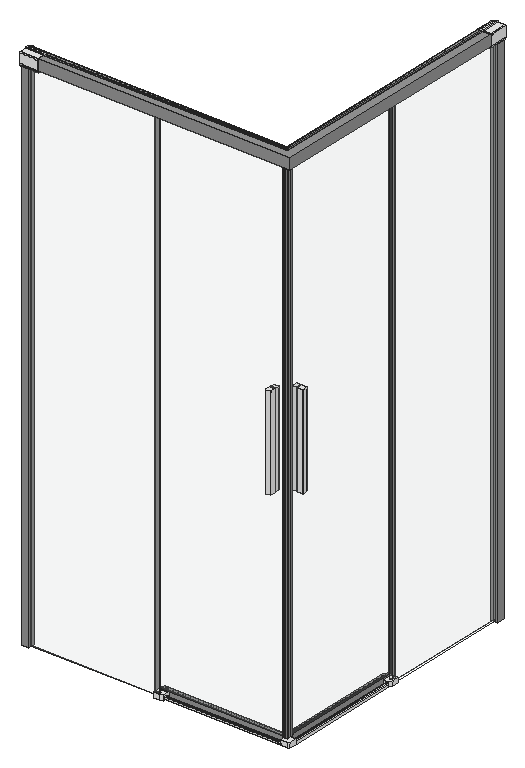
Revit family "Sanitary_Shower-screens_Duscholux_D1ModeOne_Slider-twin-doors-corner-shower", category Aparatos sanitarios, Revit 2019
Family settings
  Cota de conector redondo = Diámetro de uso
  Tipo de pieza = Normal
  Número OmniClass = 23.45.00.00
  Título OmniClass = Sanitary, Laundry, and Cleaning Equipment
  Se basa en plano de trabajo = No
  Siempre vertical = Sí
  Corte con vacíos al cargar = No
  Compartido = No
  Punto de cálculo de habitación = No
Parameters (values of type "Platinum Aluminium Finish")
  Width L2 = 1000 mm
  Width L1 = 1000 mm
  Uniclass 2015 Description = "Shower Enclosures"
  Uniclass 2015 Code = "PR-40-20-06-79"
  URL = "http://www.duscholux.es/"
  UNSPSC Code = "30181507"
  Thickness Safety Glass Sliding = 6 mm  # constant formula
  Thickness Safety Glass Fixed Panel = 6 mm  # constant formula
  Technical Inspection Certificate (Applus) = "http://www.duscholux.es/resources/custom/var/APPLUS_en.pdf"
  Sliding Door Width L2 = (Min Max Width L2 / 2) - 37.8 mm + 14 mm  # 476.2 mm
  Sliding Door Width L1 = (Min Max Widht L1 / 2) - 37.8 mm + 14 mm  # 476.2 mm
  Series = "D1 Mode One"
  Region South America = "Consult"
  Region Oceania = "Consult"
  Region North America = "Consult"
  Region Middle East = "Consult"
  Region Europe = "AD, ES, FR, PT"
  Region Asia = "Consult"
  Region Antartica = "Consult"
  Region Africa = "Consult"
  Ref. = "KMF / KMG"
  Products = "http://www.duscholux.es/mamparas_filtro.aspx?es"
  Product group = "Angle door for shower"
  Product family = "D1 Mode One"
  Optional = "Towel rail / Shelf"
  Opening System Image = "http://blob.duscholux.es/pluma512/AD2f2pcorredera.gif"
  Opening System = "Sliding"
  Opening Percentage L2 = 0
  Opening Percentage L1 = 0
  Opening Door L2 = ((Min Max Width L2 / 2) - 135.8 mm) * Opening Percentage L2 / 100  # 0 mm
  Opening Door L1 = ((Min Max Widht L1 / 2) - 135.8 mm) * Opening Percentage L1 / 100  # 0 mm
  Net Weight (Kg) = 79
  NBS Reference Description = "Shower Enclosures"
  NBS Reference Code = "45-35-70"
  Model = ""
  Min Max Width L2 = if(Width L2 < 650 mm, 650 mm, if(Width L2 > 1400 mm, 1400 mm, Width L2))  # 1000 mm
  Min Max Widht L1 = if(Width L1 < 650 mm, 650 mm, if(Width L1 > 1400 mm, 1400 mm, Width L1))  # 1000 mm
  Max Height = if(Height > 2000 mm, 2000 mm, Height)  # 2000 mm
  Manufacturer name = "Duscholux Ibérica, S.A."
  Manufacturer country = "Spain"
  Maintenance and Cleaning = "http://www.duscholux.es/mamparas_limpieza.aspx?en"
  Image = "https://duscholux.es/resources/custom/img/mamparas/D1%20MODE%20ONE24/modelos/2F2PADC/mampara_h.jpg"
  IFC Classification = "Furnishing Element"
  Height = 2000 mm
  Handle Material = Chrome_Finish
  Handle Height = Max Height / 2  # 1000 mm
  Glass in Building UNE EN 12150 = "CE Conformity marking"
  Glass Material = Glass_Material-Duscholux
  Frame Material = Platinum Aluminium Finish
  Fact Sheet = "https://duscholux.es/mampara1.aspx?225"
  Fabricante = "Duscholux Ibérica, S.A."
  Environmental Management ISO 14001 = "ECOEMBES Certificate"
  Edition number = "1"
  Design country = "Spain / Germany"
  Descripción = "2 fixed segments + slider twin doors in a corner for shower"
  Date of publishing = ""
  Código de montaje = "C1030200"
  Configuration enclosure = "https://configuratumampara.duscholux.es/modeone.inicio.aspx?_gl=1*g9z6kg*_ga*MzU2NDc0Mjg4LjE2ODQ3NjI4NjU.*_ga_PFLWYVXK6J*MTcwODYxNDE5NS4xMTEuMS4xNzA4NjE3MTcwLjYwLjAuMA..C"
  Components = "Eropean components"
  Type Comments = ""
  Combinations = "Lateral 90°"
  Certified Quality UNE EN 14428 = "http://www.duscholux.es/duscholux_downloads.aspx?es"
  COBIe Type Category = ""
  Brand = "Duscholux"
  Anti-Lime Treatment = "FeelNet 3D Included"
  Accesories Material = Chrome_Finish
Types (3, lengths in mm): name | Handle Material | Frame Material | Configuration enclosure | Accesories Material
  (no name) | Chrome_Finish | Platinum Aluminium Finish | "https://configuratumampara.duscholux.es/modeone.inicio.aspx?_gl=1*g9z6kg*_ga*MzU2NDc0Mjg4LjE2ODQ3NjI4NjU.*_ga_PFLWYVXK6J*MTcwODYxNDE5NS4xMTEuMS4xNzA4NjE3MTcwLjYwLjAuMA..C" | Chrome_Finish
  Platinum Aluminium Finish | Chrome_Finish | Platinum Aluminium Finish | "https://configuratumampara.duscholux.es/modeone.inicio.aspx?_gl=1*g9z6kg*_ga*MzU2NDc0Mjg4LjE2ODQ3NjI4NjU.*_ga_PFLWYVXK6J*MTcwODYxNDE5NS4xMTEuMS4xNzA4NjE3MTcwLjYwLjAuMA..C" | Chrome_Finish
  Black Aluminium Finish | Anodized Aluminium_Duscholux Material-Black Finish | Anodized Aluminium_Duscholux Material-Black Finish | "https://configuratumampara.duscholux.es/modeone.inicio.aspx?_gl=1*g9z6kg*_ga*MzU2NDc0Mjg4LjE2ODQ3NjI4NjU.*_ga_PFLWYVXK6J*MTcwODYxNDE5NS4xMTEuMS4xNzA4NjE3MTcwLjYwLjAuMA.." | Anodized Aluminium_Duscholux Material-Black Finish
Reference planes
  plane 1 "Centro (Frontal/Posterior)": y = 0
  plane 2: z = 0
  plane 3 "Centro (Izquierda/Derecha)": x = 0
  plane 4: y = 3
  plane 5: y = -3
  plane 6: z = 1959.85
  plane 7: z = 2000
  plane 8: x = 1400
  plane 9: x = -496
  plane 10: y = 23.487
  plane 11: z = 1000
  plane 12: x = -482
  plane 13: x = -510
  plane 14: x = -996
  plane 15: x = -987
  plane 16: x = -968
  plane 17: x = 4
  plane 18: y = 997
  plane 19: x = -4
  plane 20: y = 988
  plane 21: y = 497
  plane 22: y = 483
  plane 23: y = 511
  plane 24: y = 969
  plane 25: x = -33.8
  plane 26: y = 34.8
  plane 27: z = 1985
  plane 28: x = -930
  plane 29: y = 931
Forms (mm)
  Extrusion 1, solid, material "Platinum Aluminium Finish" <- "Frame Material"
    sketch origin (-982.802, 0, 0) x (1, 0, 0) y (0, 1, 0)
      loop
        line (-13.198, -9.5) -> (13.302, -9.5) -> (13.302, -3.3) -> (2.652, -3.3) -> (2.652, -8) -> (-11.698, -8) -> (-11.698, 0) -> (-11.698, 12.2) -> (2.652, 12.2) -> (2.652, 3.3) -> (13.302, 3.3) -> (13.302, 13.7) -> (-13.198, 13.7) -> (-13.198, -9.5)
    from 0 to 1959.85
  Extrusion 2, solid, material "Platinum Aluminium Finish" <- "Frame Material"
    sketch origin (0, 0, 0) x (0, 1, 0) y (0, 0, 1)
      loop
        arc (33.069, 1997) -> (32.191, 1999.121) -> (30.069, 2000) r 3
        line (30.069, 2000) -> (21.519, 2000) -> (21.519, 1997.261) -> (11.519, 1997.261) -> (11.519, 2000) -> (-15, 2000) -> (-15, 1959.85) -> (-5.5, 1959.85) -> (-5.5, 1994) -> (0, 1994) -> (5.5, 1994) -> (5.5, 1959.85) -> (18.5, 1959.85) -> (18.5, 1963.85) -> (8.5, 1963.85) -> (8.5, 1995.261) -> (23.519, 1995.261) -> (23.519, 1998.011) -> (31.069, 1998.011) -> (31.069, 1961.861) -> (29.669, 1961.861) -> (29.669, 1959.861) -> (33.069, 1959.861) -> (33.069, 1997)
      loop
        line (-12, 1991.05) -> (-12, 1963.879) -> (-8.5, 1963.879) -> (-8.5, 1991.05) -> (-12, 1991.05)
    from -996 to -33.069
  Extrusion 3, solid, material "Glass_Material-Duscholux" <- "Glass Material"
    sketch origin (0, 0, 0) x (1, 0, 0) y (0, 1, 0)
      loop
        line (-987, 3) -> (-987, -3) -> (-482, -3) -> (-482, 3) -> (-987, 3)
    from 2 to 1985
  Extrusion 4, solid, material "Glass_Material-Duscholux" <- "Glass Material"
    sketch origin (-532.685, 0, 0) x (1, 0, 0) y (0, 1, 0)
      loop
        line (498.885, 26.987) -> (22.685, 26.987) -> (22.685, 20.987) -> (498.885, 20.987) -> (498.885, 26.987)
    from 3.238 to 1985
  Extrusion 5, solid, material "Chrome_Finish" <- "Accesories Material", detail levels fine
    sketch origin (0, 0, 0) x (0, 1, 0) y (0, 0, 1)
      loop
        line (11.519, 2005.435) -> (11.519, 2002.011) -> (-14, 2002.011)
        arc (-14, 2002.011) -> (-16.121, 2001.132) -> (-17, 1999.011) r 3
        line (-17, 1999.011) -> (-17, 1960.85)
        arc (-17, 1960.85) -> (-15.86, 1958.466) -> (-13.288, 1957.857) r 3.062
        line (-13.288, 1957.857) -> (-13.288, 1953.858) -> (-9.5, 1953.858) -> (-9.5, 1959.85) -> (-15, 1959.85) -> (-15, 2000) -> (30.069, 2000)
        arc (30.069, 2000) -> (32.191, 1999.121) -> (33.069, 1997) r 3
        line (33.069, 1997) -> (33.069, 1959.85) -> (14.7, 1959.85) -> (14.7, 1953.858) -> (18.488, 1953.858) -> (18.488, 1957.85) -> (32.069, 1957.85)
        arc (32.069, 1957.85) -> (34.191, 1958.729) -> (35.069, 1960.85) r 3
        line (35.069, 1960.85) -> (35.069, 1997.011)
        arc (35.069, 1997.011) -> (33.605, 2000.546) -> (30.069, 2002.011) r 5
        line (30.069, 2002.011) -> (21.49, 2002.011)
        arc (21.49, 2002.011) -> (20.786, 2004.401) -> (18.52, 2005.435) r 3
        line (18.52, 2005.435) -> (11.519, 2005.435)
    from -996 to -930
  Extrusion 6, solid, material "Chrome_Finish" <- "Accesories Material", detail levels fine
    sketch origin (0, -89, 0) x (0, 1, 0) y (0, 0, 1)
      loop
        line (87, 0) -> (95, 0) -> (95, 7.55)
        arc (95, 7.55) -> (94.282, 9.282) -> (92.55, 10) r 2.45
        line (92.55, 10) -> (91, 10) -> (88.45, 10)
        arc (88.45, 10) -> (87.425, 9.575) -> (87, 8.55) r 1.45
        line (87, 8.55) -> (87, 0)
    from -467 to -27.973
  Extrusion 7, solid, material "Chrome_Finish" <- "Accesories Material", detail levels fine
    sketch origin (-1264.392, 49.436, -3.703) x (1, 0, 0) y (0, 1, 0)
      loop
        line (762.392, -56.436) -> (784.392, -56.436) -> (797.392, -52.436) -> (797.392, -18.436) -> (762.392, -18.436) -> (762.392, -56.436)
    from 0 to 18
  Extrusion 8, void
    sketch origin (-1220, 0, -3.703) x (1, 0, 0) y (0, 1, 0)
      loop
        line (718, 3) -> (718, -3) -> (738, -3) -> (738, 3) -> (718, 3)
    from 2 to 18
  Extrusion 9, void
    sketch origin (-1220, 0, -3.703) x (1, 0, 0) y (0, 1, 0)
      loop
        line (718, 27.487) -> (718, 19.487) -> (753, 19.487) -> (753, 27.487) -> (718, 27.487)
    from 2 to 18
  Extrusion 10, solid, material "Chrome_Finish" <- "Accesories Material", detail levels fine
    sketch origin (9.006, 31.643, 0) x (1, 0, 0) y (0, 1, 0)
      loop
        line (-36.979, -34.643) -> (-7.879, -34.643)
        arc (-7.879, -34.643) -> (-5.847, -33.802) -> (-5.006, -31.77) r 2.873
        line (-5.006, -31.77) -> (-5.006, -2.67) -> (-22.006, -2.67) -> (-22.006, -10.67)
        arc (-22.006, -10.67) -> (-24.341, -16.308) -> (-29.979, -18.643) r 7.973
        line (-29.979, -18.643) -> (-36.979, -18.643) -> (-36.979, -34.643)
    from 0 to 18
  Extrusion 11, solid, material "Glass_Material-Duscholux" <- "Glass Material"
    sketch origin (0, 0, 0) x (1, 0, 0) y (0, 1, 0)
      loop
        line (-4, 988) -> (-4, 483) -> (4, 483) -> (4, 988) -> (-4, 988)
    from 2 to 1985
  Extrusion 12, solid, material "Chrome_Finish" <- "Accesories Material", detail levels fine
    sketch origin (-49.436, 1264.491, 0) x (0, -1, 0) y (1, 0, 0)
      loop
        line (761.491, 57.436) -> (761.491, 18.436) -> (796.491, 18.436) -> (796.491, 53.436) -> (783.491, 57.436) -> (761.491, 57.436)
    from 0 to 18
  Extrusion 13, void
    sketch origin (0, 1220.099, 0) x (0, -1, 0) y (1, 0, 0)
      loop
        line (717.099, -4) -> (737.099, -4) -> (737.099, 4) -> (717.099, 4) -> (717.099, -4)
    from 2 to 18
  Extrusion 14, void
    sketch origin (0, 1220.099, 0) x (0, -1, 0) y (1, 0, 0)
      loop
        line (717.099, -27.487) -> (752.099, -27.487) -> (752.099, -19.487) -> (717.099, -19.487) -> (717.099, -27.487)
    from 2 to 18
  Extrusion 15, solid, material "Glass_Material-Duscholux" <- "Glass Material"
    sketch origin (0, 565.948, 0) x (1, 0, 0) y (0, 1, 0)
      loop
        line (-19.987, -531.148) -> (-19.987, -54.948) -> (-25.987, -54.948) -> (-25.987, -531.148) -> (-19.987, -531.148)
    from 3.238 to 1985
  Extrusion 16, solid, material "Chrome_Finish" <- "Accesories Material", detail levels fine
    sketch origin (-93, 0, 0) x (1, 0, 0) y (0, 0, 1)
      loop
        line (86, 0) -> (96, 0) -> (96, 7.55)
        arc (96, 7.55) -> (95.282, 9.282) -> (93.55, 10) r 2.45
        line (93.55, 10) -> (91, 10) -> (88.45, 10)
        arc (88.45, 10) -> (86.718, 9.282) -> (86, 7.55) r 2.45
        line (86, 7.55) -> (86, 0)
    from -468 to -27.973
  Extrusion 17, solid, material "Platinum Aluminium Finish" <- "Frame Material"
    sketch origin (0, 1944.347, 0) x (-1, 0, 0) y (0, 0, 1)
      loop
        arc (33.069, 1997) -> (32.191, 1999.121) -> (30.069, 2000) r 3
        line (30.069, 2000) -> (21.519, 2000) -> (21.519, 1997.261) -> (12.519, 1997.261) -> (12.519, 2000) -> (-16, 2000) -> (-16, 1959.85) -> (-6.5, 1959.85) -> (-6.5, 1994) -> (0, 1994) -> (6.5, 1994) -> (6.5, 1959.85) -> (18.5, 1959.85) -> (18.5, 1963.85) -> (9.5, 1963.85) -> (9.5, 1995.261) -> (23.519, 1995.261) -> (23.519, 1998.011) -> (31.069, 1998.011) -> (31.069, 1961.861) -> (29.669, 1961.861) -> (29.669, 1959.861) -> (33.069, 1959.861) -> (33.069, 1997)
      loop
        line (-13, 1991.05) -> (-13, 1963.879) -> (-9.5, 1963.879) -> (-9.5, 1991.05) -> (-13, 1991.05)
    from -1911.277 to -947.347
  Extrusion 18, solid, material "Platinum Aluminium Finish" <- "Frame Material"
    sketch origin (0, 0, 0) x (1, 0, 0) y (0, 1, 0)
      loop
        line (-33.069, 33.069) -> (-33.069, -15) -> (16, -15) -> (16, 33.069) -> (-33.069, 33.069)
    from 1959.85 to 2000
  Extrusion 19, void
    sketch origin (0, 0, 0) x (0, 1, 0) y (0, 0, 1)
      loop
        arc (30.069, 2000) -> (32.191, 1999.121) -> (33.069, 1997) r 3
        line (33.069, 1997) -> (33.069, 2000) -> (30.069, 2000)
    from -33.069 to -30.069
  Extrusion 20, solid, material "Platinum Aluminium Finish" <- "Frame Material"
    sketch origin (0, 0, 0) x (1, 0, 0) y (0, 0, 1)
      loop
        arc (-30.069, 2000) -> (-32.191, 1999.121) -> (-33.069, 1997) r 3
        line (-33.069, 1997) -> (-30.069, 1997) -> (-30.069, 2000)
    from -33.069 to -30.069
  Extrusion 21, solid, material "Chrome_Finish" <- "Accesories Material", detail levels fine
    sketch origin (0, 0.198, 0) x (-1, 0, 0) y (0, 0, -1)
      loop
        line (12.519, -2005.435) -> (18.52, -2005.435)
        arc (18.52, -2005.435) -> (20.786, -2004.401) -> (21.49, -2002.011) r 3
        line (21.49, -2002.011) -> (30.069, -2002.011)
        arc (30.069, -2002.011) -> (33.605, -2000.546) -> (35.069, -1997.011) r 5
        line (35.069, -1997.011) -> (35.069, -1960.85)
        arc (35.069, -1960.85) -> (34.191, -1958.729) -> (32.069, -1957.85) r 3
        line (32.069, -1957.85) -> (18.488, -1957.85) -> (18.488, -1953.858) -> (14.7, -1953.858) -> (14.7, -1959.85) -> (33.069, -1959.85) -> (33.069, -1997)
        arc (33.069, -1997) -> (32.191, -1999.121) -> (30.069, -2000) r 3
        line (30.069, -2000) -> (-16, -2000) -> (-16, -1959.85) -> (-10.5, -1959.85) -> (-10.5, -1953.858) -> (-14.288, -1953.858) -> (-14.288, -1957.857)
        arc (-14.288, -1957.857) -> (-16.86, -1958.466) -> (-18, -1960.85) r 3.062
        line (-18, -1960.85) -> (-18, -1999.011)
        arc (-18, -1999.011) -> (-17.121, -2001.132) -> (-15, -2002.011) r 3
        line (-15, -2002.011) -> (12.519, -2002.011) -> (12.519, -2005.435)
    from -996.802 to -930.802
  Extrusion 22, solid, material "Platinum Aluminium Finish" <- "Frame Material"
    sketch origin (0, 983, 0) x (0, -1, 0) y (1, 0, 0)
      loop
        line (-14, 10.5) -> (-14, -14.7) -> (12.5, -14.7) -> (12.5, -4.3) -> (1.85, -4.3) -> (1.85, -13.2) -> (-12.5, -13.2) -> (-12.5, 0) -> (-12.5, 9) -> (1.85, 9) -> (1.85, 4.3) -> (12.5, 4.3) -> (12.5, 10.5) -> (-14, 10.5)
    from 0 to 1959.85
  Extrusion 23, solid, material "Platinum Aluminium Finish" <- "Frame Material"
    sketch origin (10, -0.034, 0) x (1, 0, 0) y (0, 1, 0)
      loop
        line (-36.566, 39.834) -> (-38.084, 39.834) -> (-39.087, 34.834) -> (-39.087, 32.234)
        arc (-39.087, 32.234) -> (-38.707, 30.321) -> (-37.623, 28.699) r 5
        line (-37.623, 28.699) -> (-32.322, 23.397)
        arc (-32.322, 23.397) -> (-29.491, 22.834) -> (-27.887, 25.234) r 2.598
        line (-27.887, 25.234) -> (-27.887, 34.834) -> (-28.891, 39.834) -> (-30.409, 39.834) -> (-29.405, 34.834) -> (-37.57, 34.834) -> (-36.566, 39.834)
      loop
        line (-38.447, 33.272) -> (-38.447, 31.119) -> (-36.721, 28.759) -> (-35.477, 30.004) -> (-31.083, 25.861) -> (-32.537, 24.319) -> (-31.968, 23.751)
        arc (-31.968, 23.751) -> (-29.682, 23.296) -> (-28.387, 25.234) r 2.098
        line (-28.387, 25.234) -> (-28.387, 33.272) -> (-38.447, 33.272)
    from 3.238 to 1985
  Extrusion 24, solid, material "Platinum Aluminium Finish" <- "Frame Material"
    sketch origin (2.691, 0, 0) x (1, 0, 0) y (0, 1, 0)
      loop
        line (-41.491, 28.116) -> (-41.491, 26.598) -> (-36.491, 27.602) -> (-36.491, 19.437) -> (-41.491, 20.441) -> (-41.491, 18.923) -> (-36.491, 17.919) -> (-26.891, 17.919)
        arc (-26.891, 17.919) -> (-24.491, 19.523) -> (-25.052, 22.356) r 2.598
        line (-25.052, 22.356) -> (-30.356, 27.655)
        arc (-30.356, 27.655) -> (-31.978, 28.739) -> (-33.891, 29.119) r 5
        line (-33.891, 29.119) -> (-36.491, 29.119) -> (-41.491, 28.116)
      loop
        line (-34.929, 28.479) -> (-34.929, 18.419) -> (-26.891, 18.419)
        arc (-26.891, 18.419) -> (-24.953, 19.714) -> (-25.408, 22) r 2.098
        line (-25.408, 22) -> (-25.976, 22.568) -> (-27.518, 21.115) -> (-31.661, 25.509) -> (-30.417, 26.753) -> (-32.776, 28.479) -> (-34.929, 28.479)
    from 3.238 to 1985
  Extrusion 25, solid, material "Plástico, transparente", detail levels fine
    sketch origin (0, 0, 0) x (0, 1, 0) y (0, 0, 1)
      loop
        line (47.987, 7.116) -> (47.987, 2.551)
        arc (47.987, 2.551) -> (48.737, 2.215) -> (49.487, 2.551) r 1.005
        line (49.487, 2.551) -> (49.487, 8.116) -> (26.719, 16.315)
        arc (26.719, 16.315) -> (26.166, 16.255) -> (26.011, 15.721) r 0.5
        line (26.011, 15.721) -> (26.237, 14.435) -> (26.237, -0.465) -> (20.737, -0.465) -> (20.737, 16.435) -> (19.637, 16.435) -> (19.637, -1.703) -> (27.337, -1.703) -> (27.337, 13.555) -> (47.987, 7.116)
    from -505 to -38.8
  Extrusion 26, solid, material "Plástico, transparente", detail levels fine
    sketch origin (0, 0, 0) x (1, 0, 0) y (0, 1, 0)
      loop
        line (-505, 26.237) -> (-505, 27.337) -> (-511.3, 27.337) -> (-511.3, 19.637) -> (-506.1, 19.637) -> (-506.1, 4.737) -> (-505, 4.737) -> (-505, 20.737) -> (-510, 20.737) -> (-510, 26.237) -> (-505, 26.237)
    from -1.703 to 1985
  Extrusion 27, solid, material "Plástico, transparente", detail levels fine
    sketch origin (0, 0, 0) x (1, 0, 0) y (0, 0, 1)
      loop
        line (-27.337, 2) -> (-19.637, 2) -> (-19.637, 20.138) -> (-20.737, 20.138) -> (-20.737, 3.238) -> (-26.237, 3.238) -> (-26.237, 18.138) -> (-26.011, 19.424)
        arc (-26.011, 19.424) -> (-26.166, 19.958) -> (-26.719, 20.018) r 0.5
        line (-26.719, 20.018) -> (-49.487, 8.116) -> (-49.487, 2.551)
        arc (-49.487, 2.551) -> (-48.737, 2.215) -> (-47.987, 2.551) r 1.005
        line (-47.987, 2.551) -> (-47.987, 7.116) -> (-27.337, 17.258) -> (-27.337, 2)
    from -506 to -39.758
  Extrusion 28, solid, material "Plástico, transparente", detail levels fine
    sketch origin (0, 0, 0) x (1, 0, 0) y (0, 1, 0)
      loop
        line (-20.737, 506) -> (-5.737, 506) -> (-5.737, 507.1) -> (-19.637, 507.1) -> (-19.637, 512.3) -> (-27.337, 512.3) -> (-27.337, 506) -> (-26.237, 506) -> (-26.237, 511) -> (-20.737, 511) -> (-20.737, 506)
    from 2 to 1985
  Extrusion 29, void
    sketch origin (0, 0, -3.703) x (0, 1, 0) y (0, 0, 1)
      loop
        line (31, 18) -> (27.487, 18) -> (27.487, 17.184) -> (31, 15.459) -> (31, 18)
    from -502 to -467
  Extrusion 30, void
    sketch origin (0, 0, 0) x (1, 0, 0) y (0, 0, 1)
      loop
        line (-31, 18) -> (-31, 15.459) -> (-27.487, 17.184) -> (-27.487, 18) -> (-31, 18)
    from -503 to -468
  Extrusion 31, void
    sketch origin (0, 0, 0) x (1, 0, 0) y (0, 1, 0)
      loop
        line (-21.519, 34.069) -> (-21.519, 21.519) -> (-33.069, 21.519) -> (-33.069, 11.519) -> (-12.519, 11.519) -> (-12.519, 34.069) -> (-21.519, 34.069)
    from 1997.261 to 2000
Cuts and joins
  Extrusion 8, Extrusion 9, Extrusion 29 cuts Extrusion 7
  Extrusion 13, Extrusion 14, Extrusion 30 cuts Extrusion 12
  Extrusion 19, Extrusion 31 cuts Extrusion 18
  joined: Extrusion 2, Extrusion 17, Extrusion 18, Extrusion 20
  Extrusion 29, Extrusion 30, Extrusion 31 cuts Extrusion 10
  Extrusion 31 cuts Extrusion 23
  Extrusion 31 cuts Extrusion 24
Dimensions and locks
  equal spacing: plane 4, plane 1 "Centro (Frontal/Posterior)", plane 5
  "Thickness Safety Glass Fixed Panel": plane 4 to plane 5
  locked: plane 7 to plane 6 at 40.15
  "Handle Height": plane 11 to level
  "Thickness Safety Glass Sliding": Extrusion 4 to Extrusion 4
  "Max Height": plane 7 to plane 2
  locked: plane 9 to cut or joined group of Extrusion 7, Extrusion 8, Extrusion 9, Extrusion 29 at 29
  locked: cut or joined group of Extrusion 7, Extrusion 8, Extrusion 9, Extrusion 29 to plane 9 at 6
  locked: plane 9 to plane 12 at 14
  locked: plane 13 to plane 9 at 14
  locked: plane 21 to plane 22 at 14
  locked: plane 23 to plane 21 at 14
  locked: cut or joined group of Extrusion 12, Extrusion 13, Extrusion 14, Extrusion 30 to plane 21 at 29
  locked: cut or joined group of Extrusion 12, Extrusion 13, Extrusion 14, Extrusion 30 to plane 21 at 6
  locked: Extrusion 25 to Extrusion 4 at 5
  Extrusion 26 to Extrusion 26 = 1.3 mm
  locked: Extrusion 26 to Extrusion 26 at 6.3  (x2)
  locked: Extrusion 26 to Extrusion 26 at 1.1
  locked: Extrusion 4 to Extrusion 25 at 5
  locked: Extrusion 15 to Extrusion 27 at 5
  locked: Extrusion 28 to Extrusion 28 at 1.3
  locked: Extrusion 28 to Extrusion 28 at 1.1
  locked: Extrusion 28 to Extrusion 28 at 6.3  (x2)
  locked: cut or joined group of Extrusion 10, Extrusion 29, Extrusion 30, Extrusion 31 to plane 5 at 31.973
  locked: cut or joined group of Extrusion 10, Extrusion 29, Extrusion 30, Extrusion 31 to plane 17 at 31.973
  locked: plane 14 to plane 16 at 28
  locked: plane 14 to plane 15 at 9
  "Min Max Widht L1": plane 14 to plane 17
  equal spacing: plane 14, plane 9, plane 17
  "Min Max Width L2": plane 18 to plane 5
  equal spacing: plane 18, plane 21, plane 5
  plane 19 to plane 17 = 8 mm
  equal spacing: plane 19, plane 3 "Centro (Izquierda/Derecha)", plane 17
  locked: plane 18 to plane 24 at 28
  locked: plane 18 to plane 20 at 9
  "Sliding Door Width L1": Extrusion 4 to Extrusion 4
  "Sliding Door Width L2": Extrusion 15 to Extrusion 15
  locked: plane 25 to plane 17 at 37.8
  "Opening Door L1": Extrusion 4 to plane 25
  locked: plane 26 to plane 5 at 37.8
  locked: Extrusion 15 to Extrusion 27 at 4.958
  "Opening Door L2": plane 26 to Extrusion 15
  locked: plane 7 to plane 27 at 15
  "Thickness Safety Glass Sliding": Extrusion 15 to Extrusion 15
  locked: Extrusion 15 to nested 1 at 45
  locked: nested 2 to Extrusion 4 at 45
  locked: nested 3 to Extrusion 4 at 45
  locked: Extrusion 15 to nested 4 at 45
  locked: plane 28 to plane 14 at 66
  locked: plane 29 to plane 18 at 66
  aligned and locked: level to plane 2
  aligned and locked: plane 7 to Extrusion 2
  aligned and locked: Extrusion 2 to plane 6
  aligned and locked: Extrusion 1 to Extrusion 2
  aligned and locked: Extrusion 3 sketch curve to plane 4
  aligned and locked: plane 5 to Extrusion 3 sketch curve
  aligned and locked: Extrusion 5 to plane 14
  aligned and locked: Extrusion 2 to Extrusion 1
  aligned and locked: Extrusion 8 sketch curve to Extrusion 7
  aligned and locked: Extrusion 6 to cut or joined group of Extrusion 7, Extrusion 8, Extrusion 9, Extrusion 29
  aligned and locked: Extrusion 6 to Extrusion 10
  aligned and locked: plane 19 to Extrusion 11 sketch curve
  aligned and locked: Extrusion 11 sketch curve to plane 17
  aligned and locked: Extrusion 13 sketch curve to Extrusion 12
  aligned and locked: Extrusion 11 to cut or joined group of Extrusion 12, Extrusion 13, Extrusion 14, Extrusion 30
  aligned and locked: Extrusion 15 to Extrusion 4
  aligned and locked: Extrusion 16 to cut or joined group of Extrusion 12, Extrusion 13, Extrusion 14, Extrusion 30
  aligned and locked: plane 18 to Extrusion 17
  aligned and locked: Extrusion 2 to Extrusion 17  (x2)
  aligned and locked: Extrusion 18 sketch curve to Extrusion 17
  aligned and locked: Extrusion 18 to Extrusion 2
  aligned and locked: Extrusion 18 to plane 6
  aligned and locked: Extrusion 20 to Extrusion 5
  aligned and locked: plane 18 to Extrusion 21
  aligned and locked: Extrusion 23 to Extrusion 4
  aligned and locked: Extrusion 24 to Extrusion 4
  aligned and locked: Extrusion 23 to Extrusion 15
  aligned and locked: cut or joined group of Extrusion 7, Extrusion 8, Extrusion 9, Extrusion 29 to Extrusion 25 sketch curve
  aligned and locked: Extrusion 26 to Extrusion 25
  aligned and locked: Extrusion 26 to Extrusion 4
  aligned and locked: Extrusion 27 sketch curve to Extrusion 23
  aligned and locked: cut or joined group of Extrusion 12, Extrusion 13, Extrusion 14, Extrusion 30 to Extrusion 27 sketch curve
  aligned and locked: Extrusion 28 to Extrusion 27
  aligned and locked: Extrusion 28 to Extrusion 15
  aligned and locked: cut or joined group of Extrusion 7, Extrusion 8, Extrusion 9, Extrusion 29 to Extrusion 29
  aligned and locked: Extrusion 29 to cut or joined group of Extrusion 7, Extrusion 8, Extrusion 9, Extrusion 29
  aligned and locked: cut or joined group of Extrusion 12, Extrusion 13, Extrusion 14, Extrusion 30 to Extrusion 30  (x2)
  aligned and locked: cut or joined group of Extrusion 2, Extrusion 17, Extrusion 18, Extrusion 19, Extrusion 20, Extrusion 31 to plane 14
  aligned and locked: plane 6 to Extrusion 22
  aligned and locked: cut or joined group of Extrusion 2, Extrusion 17, Extrusion 18, Extrusion 19, Extrusion 20, Extrusion 31 to plane 6
  aligned and locked: plane 7 to cut or joined group of Extrusion 2, Extrusion 17, Extrusion 18, Extrusion 19, Extrusion 20, Extrusion 31
  aligned and locked: cut or joined group of Extrusion 2, Extrusion 17, Extrusion 18, Extrusion 19, Extrusion 20, Extrusion 31 to plane 7
  aligned and locked: plane 27 to Extrusion 4
  aligned and locked: plane 27 to Extrusion 3
  aligned and locked: plane 27 to Extrusion 15
  aligned and locked: plane 27 to Extrusion 11
  aligned and locked: plane 27 to Extrusion 26
  aligned and locked: plane 27 to Extrusion 24
  aligned and locked: plane 27 to Extrusion 23
  aligned and locked: plane 27 to Extrusion 28
  aligned and locked: Extrusion 31 to cut or joined group of Extrusion 2, Extrusion 17, Extrusion 18, Extrusion 19, Extrusion 20, Extrusion 31  (x2)
  aligned and locked: nested 2 to plane 11
  aligned and locked: plane 11 to nested 1
  aligned and locked: nested 3 to plane 11
  aligned and locked: plane 11 to nested 4
  aligned and locked: plane 28 to Extrusion 5
  aligned and locked: Extrusion 21 to plane 29
Automatic sketch dimensions
  Extrusion 1 sketch curve to plane 14 = 0 mm
  plane 1 "Centro (Frontal/Posterior)" to Extrusion 1 sketch curve = 0 mm
  Extrusion 1 sketch curve to plane 14 = 1.5 mm
  Extrusion 1 sketch curve to plane 15 = 6.85 mm  (x2)
  plane 16 to Extrusion 1 sketch curve = 1.5 mm  (x2)
  plane 5 to Extrusion 1 sketch curve = 0.3 mm
  Extrusion 1 sketch curve to plane 4 = 0.3 mm
  Extrusion 1 sketch curve to Extrusion 1 sketch curve = 8.9 mm
  Extrusion 1 sketch curve to Extrusion 1 sketch curve = 1.5 mm  (x2)
  plane 5 to Extrusion 1 sketch curve = 5 mm
  Extrusion 2 sketch curve to plane 6 = 0 mm  (x2)
  Extrusion 2 sketch curve to plane 7 = 0 mm  (x2)
  Extrusion 2 sketch curve to plane 1 "Centro (Frontal/Posterior)" = 0 mm
  Extrusion 2 sketch curve to plane 5 = 2.5 mm
  Extrusion 2 sketch curve to Extrusion 2 sketch curve = 3 mm  (x3)
  Extrusion 2 sketch curve to Extrusion 2 sketch curve = 3.5 mm
  plane 4 to Extrusion 2 sketch curve = 2.5 mm
  Extrusion 2 sketch curve to Extrusion 2 sketch curve = 3.019 mm
  plane 10 to Extrusion 2 sketch curve = 4.987 mm
  plane 10 to Extrusion 2 sketch curve = 1.968 mm
  Extrusion 2 sketch curve to plane 10 = 0.032 mm
  plane 6 to Extrusion 2 sketch curve = 0.011 mm
  Extrusion 2 sketch curve to plane 10 = 6.182 mm
  Extrusion 2 sketch curve to plane 10 = 6.582 mm
  Extrusion 2 sketch curve to Extrusion 2 sketch curve = 1.4 mm
  Extrusion 2 sketch curve to Extrusion 2 sketch curve = 2 mm  (x2)
  plane 6 to Extrusion 2 sketch curve = 4 mm
  plane 6 to Extrusion 2 sketch curve = 4.029 mm
  Extrusion 2 sketch curve to plane 7 = 6 mm
  Extrusion 2 sketch curve to plane 7 = 4.739 mm
  Extrusion 2 sketch curve to plane 7 = 2.739 mm
  Extrusion 2 sketch curve to plane 7 = 1.989 mm
  Extrusion 3 sketch curve to plane 15 = 0 mm
  Extrusion 3 sketch curve to plane 12 = 0 mm
  Extrusion 4 sketch curve to plane 13 = 0 mm
  plane 10 to Extrusion 4 sketch curve = 2.5 mm
  Extrusion 4 sketch curve to plane 19 = 29.8 mm
  Extrusion 4 sketch curve to plane 10 = 3.5 mm
  Extrusion 5 sketch curve to plane 6 = 0 mm  (x2)
  Extrusion 5 sketch curve to plane 7 = 0 mm
  Extrusion 5 sketch curve to plane 7 = 0.989 mm
  Extrusion 5 sketch curve to plane 5 = 14 mm
  Extrusion 5 sketch curve to Extrusion 5 sketch curve = 2 mm
  plane 7 to Extrusion 5 sketch curve = 2.011 mm  (x2)
  Extrusion 5 sketch curve to Extrusion 5 sketch curve = 1.062 mm
  Extrusion 5 sketch curve to Extrusion 5 sketch curve = 1.712 mm
  Extrusion 5 sketch curve to Extrusion 5 sketch curve = 3.788 mm  (x2)
  plane 4 to Extrusion 5 sketch curve = 8.519 mm
  plane 10 to Extrusion 5 sketch curve = 8.787 mm
  plane 10 to Extrusion 5 sketch curve = 4.967 mm
  plane 10 to Extrusion 5 sketch curve = 1.998 mm
  Extrusion 5 sketch curve to plane 10 = 6.582 mm
  Extrusion 5 sketch curve to Extrusion 5 sketch curve = 0 mm
  Extrusion 5 sketch curve to plane 6 = 2 mm
  Extrusion 5 sketch curve to plane 10 = 8.582 mm
  Extrusion 5 sketch curve to Extrusion 5 sketch curve = 1 mm
  plane 6 to Extrusion 5 sketch curve = 1 mm
  Extrusion 5 sketch curve to plane 6 = 5.992 mm
  Extrusion 5 sketch curve to Extrusion 5 sketch curve = 3.992 mm
  Extrusion 5 sketch curve to plane 6 = 1.993 mm
  plane 7 to Extrusion 5 sketch curve = 2.435 mm
  Extrusion 6 sketch curve to level = 0 mm
  plane 5 to Extrusion 6 sketch curve = 1 mm
  plane 1 "Centro (Frontal/Posterior)" to Extrusion 6 sketch curve = 0.55 mm
  Extrusion 6 sketch curve to plane 1 "Centro (Frontal/Posterior)" = 2 mm
  plane 4 to Extrusion 6 sketch curve = 0.55 mm
  plane 4 to Extrusion 6 sketch curve = 3 mm
  Extrusion 6 sketch curve to Extrusion 6 sketch curve = 7.55 mm
  Extrusion 7 sketch curve to plane 5 = 0 mm
  Extrusion 7 sketch curve to plane 9 = 6 mm
  plane 12 to Extrusion 7 sketch curve = 2 mm
  plane 12 to Extrusion 7 sketch curve = 15 mm
  Extrusion 7 sketch curve to plane 5 = 4 mm
  Extrusion 7 sketch curve to plane 10 = 7.513 mm
  Extrusion 8 sketch curve to plane 5 = 0 mm
  Extrusion 8 sketch curve to plane 12 = 0 mm
  Extrusion 8 sketch curve to plane 4 = 0 mm
  Extrusion 9 sketch curve to plane 9 = 6 mm
  plane 10 to Extrusion 9 sketch curve = 4 mm
  plane 12 to Extrusion 9 sketch curve = 15 mm
  Extrusion 9 sketch curve to plane 10 = 4 mm
  Extrusion 10 sketch curve to plane 5 = 0 mm
  Extrusion 10 sketch curve to plane 17 = 0 mm
  plane 3 "Centro (Izquierda/Derecha)" to Extrusion 10 sketch curve = 1.127 mm
  Extrusion 10 sketch curve to plane 10 = 5.485 mm
  Extrusion 10 sketch curve to plane 19 = 9 mm
  plane 10 to Extrusion 10 sketch curve = 2.515 mm
  Extrusion 10 sketch curve to Extrusion 10 sketch curve = 7.973 mm
  Extrusion 10 sketch curve to Extrusion 10 sketch curve = 7 mm
  Extrusion 11 sketch curve to plane 22 = 0 mm
  Extrusion 11 sketch curve to plane 20 = 0 mm
  Extrusion 12 sketch curve to plane 17 = 0 mm
  plane 21 to Extrusion 12 sketch curve = 6 mm
  Extrusion 12 sketch curve to plane 22 = 2 mm
  Extrusion 12 sketch curve to plane 22 = 15 mm
  Extrusion 12 sketch curve to plane 19 = 27 mm
  plane 17 to Extrusion 12 sketch curve = 4 mm
  Extrusion 13 sketch curve to plane 17 = 0 mm
  Extrusion 13 sketch curve to plane 22 = 0 mm
  Extrusion 13 sketch curve to plane 19 = 0 mm
  plane 21 to Extrusion 14 sketch curve = 6 mm
  Extrusion 14 sketch curve to plane 22 = 15 mm
  Extrusion 14 sketch curve to plane 19 = 23.487 mm
  Extrusion 14 sketch curve to Extrusion 14 sketch curve = 8 mm
  Extrusion 15 sketch curve to plane 19 = 21.987 mm
  Extrusion 15 sketch curve to Extrusion 15 sketch curve = 6 mm
  Extrusion 15 sketch curve to plane 10 = 11.313 mm
  Extrusion 16 sketch curve to level = 0 mm
  Extrusion 16 sketch curve to plane 19 = 3 mm
  Extrusion 16 sketch curve to plane 19 = 0.55 mm
  Extrusion 16 sketch curve to plane 3 "Centro (Izquierda/Derecha)" = 2 mm
  plane 3 "Centro (Izquierda/Derecha)" to Extrusion 16 sketch curve = 0.55 mm
  Extrusion 16 sketch curve to plane 17 = 1 mm
  Extrusion 16 sketch curve to Extrusion 16 sketch curve = 7.55 mm
  Extrusion 17 sketch curve to plane 6 = 0 mm  (x2)
  Extrusion 17 sketch curve to plane 7 = 0 mm  (x2)
  Extrusion 17 sketch curve to plane 3 "Centro (Izquierda/Derecha)" = 0 mm
  plane 17 to Extrusion 17 sketch curve = 2.5 mm
  Extrusion 17 sketch curve to Extrusion 17 sketch curve = 3 mm  (x3)
  Extrusion 17 sketch curve to Extrusion 17 sketch curve = 3.5 mm
  Extrusion 17 sketch curve to plane 19 = 2.5 mm
  Extrusion 17 sketch curve to Extrusion 17 sketch curve = 3.019 mm
  plane 6 to Extrusion 17 sketch curve = 4 mm
  Extrusion 17 sketch curve to Extrusion 17 sketch curve = 9 mm  (x2)
  Extrusion 17 sketch curve to Extrusion 17 sketch curve = 2 mm  (x3)
  plane 6 to Extrusion 17 sketch curve = 0.011 mm
  Extrusion 17 sketch curve to Extrusion 17 sketch curve = 11.169 mm
  Extrusion 17 sketch curve to Extrusion 17 sketch curve = 6.55 mm
  Extrusion 17 sketch curve to Extrusion 17 sketch curve = 1.4 mm
  plane 6 to Extrusion 17 sketch curve = 4.029 mm
  Extrusion 17 sketch curve to plane 7 = 6 mm
  Extrusion 17 sketch curve to plane 7 = 4.739 mm
  Extrusion 17 sketch curve to plane 7 = 2.739 mm
  Extrusion 17 sketch curve to plane 7 = 1.989 mm
  plane 17 to Extrusion 18 sketch curve = 12 mm
  Extrusion 18 sketch curve to plane 5 = 12 mm
  Extrusion 18 sketch curve to plane 10 = 9.582 mm
  Extrusion 19 sketch curve to plane 7 = 0 mm
  Extrusion 19 sketch curve to plane 10 = 6.582 mm
  Extrusion 19 sketch curve to Extrusion 19 sketch curve = 3 mm
  Extrusion 20 sketch curve to plane 7 = 0 mm
  Extrusion 20 sketch curve to plane 7 = 3 mm
  Extrusion 20 sketch curve to plane 19 = 29.069 mm
  Extrusion 21 sketch curve to plane 6 = 0 mm  (x2)
  Extrusion 21 sketch curve to plane 7 = 0 mm
  Extrusion 21 sketch curve to plane 7 = 0.989 mm
  plane 17 to Extrusion 21 sketch curve = 14 mm
  Extrusion 21 sketch curve to Extrusion 21 sketch curve = 2 mm
  plane 7 to Extrusion 21 sketch curve = 2.011 mm  (x2)
  Extrusion 21 sketch curve to Extrusion 21 sketch curve = 1.062 mm
  Extrusion 21 sketch curve to Extrusion 21 sketch curve = 1.712 mm
  Extrusion 21 sketch curve to Extrusion 21 sketch curve = 3.788 mm  (x2)
  Extrusion 21 sketch curve to plane 19 = 8.519 mm
  Extrusion 21 sketch curve to plane 19 = 10.7 mm
  Extrusion 21 sketch curve to Extrusion 21 sketch curve = 6.001 mm
  Extrusion 21 sketch curve to Extrusion 21 sketch curve = 2.97 mm
  Extrusion 21 sketch curve to Extrusion 21 sketch curve = 8.579 mm
  Extrusion 21 sketch curve to Extrusion 21 sketch curve = 0 mm
  Extrusion 21 sketch curve to plane 6 = 2 mm
  Extrusion 21 sketch curve to Extrusion 21 sketch curve = 13.581 mm
  Extrusion 21 sketch curve to Extrusion 21 sketch curve = 1 mm
  plane 6 to Extrusion 21 sketch curve = 1 mm  (x2)
  plane 7 to Extrusion 21 sketch curve = 2.435 mm
  Extrusion 21 sketch curve to Extrusion 21 sketch curve = 3.992 mm
  Extrusion 21 sketch curve to Extrusion 21 sketch curve = 3.999 mm
  Extrusion 22 sketch curve to plane 18 = 0 mm
  Extrusion 22 sketch curve to plane 18 = 1.5 mm
  Extrusion 22 sketch curve to plane 20 = 6.85 mm  (x2)
  plane 24 to Extrusion 22 sketch curve = 1.5 mm  (x2)
  Extrusion 22 sketch curve to plane 17 = 18.7 mm
  Extrusion 22 sketch curve to plane 17 = 17.2 mm
  Extrusion 22 sketch curve to Extrusion 22 sketch curve = 8.9 mm
  Extrusion 22 sketch curve to Extrusion 22 sketch curve = 13.2 mm
  Extrusion 22 sketch curve to Extrusion 22 sketch curve = 8.6 mm
  Extrusion 22 sketch curve to Extrusion 22 sketch curve = 9 mm
  Extrusion 22 sketch curve to Extrusion 22 sketch curve = 1.5 mm
  Extrusion 23 sketch curve to Extrusion 23 sketch curve = 0.64 mm
  Extrusion 23 sketch curve to Extrusion 23 sketch curve = 1.004 mm  (x2)
  Extrusion 23 sketch curve to Extrusion 23 sketch curve = 0.824 mm
  Extrusion 23 sketch curve to Extrusion 23 sketch curve = 1.517 mm  (x4)
  Extrusion 23 sketch curve to Extrusion 23 sketch curve = 0.902 mm
  Extrusion 23 sketch curve to Extrusion 23 sketch curve = 1.245 mm
  Extrusion 23 sketch curve to Extrusion 23 sketch curve = 1.389 mm
  Extrusion 23 sketch curve to Extrusion 23 sketch curve = 4.4 mm
  Extrusion 23 sketch curve to Extrusion 23 sketch curve = 1.239 mm
  Extrusion 23 sketch curve to Extrusion 23 sketch curve = 0.598 mm
  Extrusion 23 sketch curve to Extrusion 23 sketch curve = 6.158 mm
  Extrusion 23 sketch curve to Extrusion 23 sketch curve = 1.017 mm
  Extrusion 23 sketch curve to Extrusion 23 sketch curve = 1.115 mm
  Extrusion 23 sketch curve to Extrusion 23 sketch curve = 1.038 mm
  Extrusion 23 sketch curve to Extrusion 23 sketch curve = 1.562 mm
  Extrusion 23 sketch curve to Extrusion 23 sketch curve = 0 mm  (x5)
  Extrusion 23 sketch curve to Extrusion 23 sketch curve = 5 mm  (x2)
  Extrusion 23 sketch curve to Extrusion 23 sketch curve = 0.215 mm
  Extrusion 23 sketch curve to Extrusion 23 sketch curve = 0.354 mm
  Extrusion 24 sketch curve to Extrusion 24 sketch curve = 0 mm  (x7)
  Extrusion 24 sketch curve to Extrusion 24 sketch curve = 5 mm
  Extrusion 24 sketch curve to Extrusion 24 sketch curve = 1.562 mm
  Extrusion 24 sketch curve to Extrusion 24 sketch curve = 1.038 mm
  Extrusion 24 sketch curve to Extrusion 24 sketch curve = 1.115 mm
  Extrusion 24 sketch curve to Extrusion 24 sketch curve = 2.23 mm
  Extrusion 24 sketch curve to Extrusion 24 sketch curve = 1.245 mm  (x2)
  Extrusion 24 sketch curve to Extrusion 24 sketch curve = 4.143 mm
  Extrusion 24 sketch curve to Extrusion 24 sketch curve = 0.627 mm
  Extrusion 24 sketch curve to Extrusion 24 sketch curve = 0.5 mm
  Extrusion 24 sketch curve to Extrusion 24 sketch curve = 1.517 mm  (x4)
  Extrusion 24 sketch curve to Extrusion 24 sketch curve = 0.598 mm
  Extrusion 24 sketch curve to Extrusion 24 sketch curve = 0.64 mm
  Extrusion 24 sketch curve to Extrusion 24 sketch curve = 0.061 mm
  Extrusion 24 sketch curve to Extrusion 24 sketch curve = 0.002 mm  (x4)
  Extrusion 24 sketch curve to Extrusion 24 sketch curve = 0.568 mm  (x2)
  Extrusion 24 sketch curve to Extrusion 24 sketch curve = 0.354 mm
  Extrusion 24 sketch curve to Extrusion 24 sketch curve = 1.542 mm
  Extrusion 24 sketch curve to Extrusion 24 sketch curve = 1.004 mm
  Extrusion 24 sketch curve to Extrusion 24 sketch curve = 2.098 mm
  Extrusion 24 sketch curve to Extrusion 24 sketch curve = 1.389 mm
  Extrusion 24 sketch curve to Extrusion 24 sketch curve = 6.158 mm
  Extrusion 24 sketch curve to Extrusion 24 sketch curve = 3.483 mm
  Extrusion 24 sketch curve to plane 10 = 4.628 mm
  Extrusion 24 sketch curve to plane 19 = 34.8 mm
  Extrusion 23 sketch curve to Extrusion 23 sketch curve = 0.568 mm
  Extrusion 23 sketch curve to Extrusion 23 sketch curve = 0.627 mm
  Extrusion 23 sketch curve to Extrusion 23 sketch curve = 1.305 mm
  Extrusion 23 sketch curve to Extrusion 23 sketch curve = 0.061 mm
  plane 23 to Extrusion 15 sketch curve = 0 mm
  Extrusion 23 sketch curve to plane 10 = 11.313 mm
  Extrusion 23 sketch curve to plane 19 = 25.087 mm
  plane 10 to Extrusion 25 sketch curve = 3.85 mm
  Extrusion 25 sketch curve to Extrusion 25 sketch curve = 1.1 mm  (x2)
  Extrusion 25 sketch curve to plane 10 = 2.75 mm
  Extrusion 25 sketch curve to Extrusion 25 sketch curve = 0.25 mm
  Extrusion 25 sketch curve to Extrusion 25 sketch curve = 0.232 mm
  Extrusion 25 sketch curve to Extrusion 25 sketch curve = 20.65 mm
  Extrusion 25 sketch curve to Extrusion 25 sketch curve = 0.75 mm  (x2)
  level to Extrusion 25 sketch curve = 2.551 mm
  Extrusion 25 sketch curve to Extrusion 25 sketch curve = 0.668 mm
  Extrusion 25 sketch curve to Extrusion 25 sketch curve = 1.238 mm
  Extrusion 25 sketch curve to Extrusion 25 sketch curve = 3.896 mm
  Extrusion 25 sketch curve to Extrusion 25 sketch curve = 14.019 mm
  Extrusion 25 sketch curve to Extrusion 25 sketch curve = 2.317 mm
  Extrusion 25 sketch curve to Extrusion 25 sketch curve = 0.443 mm
  Extrusion 25 sketch curve to Extrusion 25 sketch curve = 0.564 mm
  Extrusion 25 sketch curve to Extrusion 25 sketch curve = 0.477 mm
  level to Extrusion 25 sketch curve = 8.116 mm
  Extrusion 25 sketch curve to Extrusion 25 sketch curve = 1.287 mm
  Extrusion 26 sketch curve to plane 13 = 0 mm
  plane 4 to Extrusion 26 sketch curve = 1.737 mm
  plane 10 to Extrusion 26 sketch curve = 2.75 mm
  Extrusion 26 sketch curve to plane 10 = 2.75 mm
  Extrusion 26 sketch curve to Extrusion 26 sketch curve = 1.1 mm  (x3)
  Extrusion 26 sketch curve to Extrusion 26 sketch curve = 1.3 mm
  plane 13 to Extrusion 26 sketch curve = 3.9 mm
  plane 13 to Extrusion 26 sketch curve = 5 mm
  level to Extrusion 27 sketch curve = 2.551 mm
  Extrusion 27 sketch curve to plane 19 = 45.487 mm
  Extrusion 27 sketch curve to Extrusion 27 sketch curve = 0.75 mm
  Extrusion 27 sketch curve to Extrusion 27 sketch curve = 1.5 mm
  Extrusion 27 sketch curve to Extrusion 27 sketch curve = 20.65 mm
  Extrusion 27 sketch curve to Extrusion 27 sketch curve = 0.618 mm
  Extrusion 27 sketch curve to Extrusion 27 sketch curve = 0.232 mm
  Extrusion 27 sketch curve to Extrusion 27 sketch curve = 1.1 mm  (x2)
  Extrusion 27 sketch curve to Extrusion 27 sketch curve = 0.477 mm
  Extrusion 27 sketch curve to Extrusion 27 sketch curve = 5.273 mm
  Extrusion 27 sketch curve to Extrusion 27 sketch curve = 0.668 mm
  Extrusion 27 sketch curve to Extrusion 27 sketch curve = 3.896 mm
  Extrusion 27 sketch curve to Extrusion 27 sketch curve = 14.019 mm
  Extrusion 27 sketch curve to Extrusion 27 sketch curve = 0.88 mm
  Extrusion 27 sketch curve to Extrusion 27 sketch curve = 1.287 mm
  Extrusion 27 sketch curve to Extrusion 27 sketch curve = 0.15 mm
  Extrusion 27 sketch curve to Extrusion 27 sketch curve = 0.714 mm
  level to Extrusion 27 sketch curve = 8.116 mm
  Extrusion 27 sketch curve to Extrusion 27 sketch curve = 1.238 mm
  plane 23 to Extrusion 28 sketch curve = 0 mm
  plane 23 to Extrusion 28 sketch curve = 1.3 mm
  Extrusion 28 sketch curve to plane 19 = 23.337 mm
  Extrusion 28 sketch curve to Extrusion 28 sketch curve = 1.1 mm  (x3)
  Extrusion 28 sketch curve to Extrusion 28 sketch curve = 5.5 mm
  Extrusion 28 sketch curve to plane 19 = 1.737 mm
  Extrusion 28 sketch curve to plane 23 = 3.9 mm
  Extrusion 28 sketch curve to plane 23 = 5 mm
  Extrusion 29 sketch curve to plane 10 = 7.513 mm
  level to Extrusion 29 sketch curve = 11.756 mm
  Extrusion 29 sketch curve to Extrusion 29 sketch curve = 2.541 mm
  Extrusion 29 sketch curve to Extrusion 29 sketch curve = 3.513 mm
  Extrusion 29 sketch curve to Extrusion 29 sketch curve = 0.816 mm
  Extrusion 30 sketch curve to plane 19 = 27 mm
  level to Extrusion 30 sketch curve = 15.459 mm
  Extrusion 30 sketch curve to Extrusion 30 sketch curve = 2.541 mm
  Extrusion 30 sketch curve to Extrusion 30 sketch curve = 3.513 mm
  Extrusion 30 sketch curve to Extrusion 30 sketch curve = 0.816 mm
  Extrusion 2 sketch curve to Extrusion 2 sketch curve = 2.95 mm
  Extrusion 17 sketch curve to Extrusion 17 sketch curve = 2.95 mm
  Extrusion 31 sketch curve to plane 26 = 0.731 mm
  plane 25 to Extrusion 31 sketch curve = 12.281 mm
  Extrusion 31 sketch curve to plane 19 = 8.519 mm
  plane 4 to Extrusion 31 sketch curve = 8.519 mm
  plane 25 to Extrusion 31 sketch curve = 0.731 mm
  plane 10 to Extrusion 31 sketch curve = 1.968 mm
Nested families
  nested 1: "Handle-int-D1" at (-25.987, 79.8, 1000) x (0, 1, 0) z (-1, 0, 0), type "Handle-int-D1", detail levels medium+fine
  nested 2: "Handle-int-D1" at (-78.8, 26.987, 1000) x (-1, 0, 0) z (0, 1, 0), type "Handle-int-D1", detail levels medium+fine
  nested 3: "Handle-ext-D1" at (-78.8, 20.987, 1000) x (1, 0, 0) z (0, -1, 0), type "Handle-ext-D1", detail levels medium+fine
  nested 4: "Handle-ext-D1" at (-19.987, 79.8, 1000) x (0, -1, 0) z (1, 0, 0), type "Handle-ext-D1", detail levels medium+fine
Definition of nested family "Handle-int-D1"
  Parameters (values of type "Handle-int-D1")
    Long. tirador = 200.6 mm
    Handle Material = none
    Espesor = 19 mm
    Default Elevation = 1219.2 mm
  Reference planes
    plane 1 "Centro (Frontal/Posterior)": y = 0
    plane 2: z = 0
    plane 3 "Centro (Izquierda/Derecha)": x = 0
    plane 4: y = 100.3
    plane 5: y = -100.3
    plane 6: x = -9.5
    plane 7: x = 9.5
    plane 8: z = 0
    plane 9: z = 15
  Forms (mm)
    Extrusion 1, solid
      sketch origin (0, 0, 0) x (1, 0, 0) y (0, 1, 0)
        loop
          line (-1219.2, 1219.2) -> (-1219.2, -1219.2) -> (1219.2, -1219.2) -> (1219.2, 1219.2) -> (-1219.2, 1219.2)
      from 0 to -304.8
    Extrusion 2, solid, material <- "Handle Material"
      sketch origin (0, 0, 0) x (1, 0, 0) y (0, 0, 1)
        loop
          arc (-8.497, 15) -> (-9.206, 14.706) -> (-9.5, 13.997) r 1.003
          line (-9.5, 13.997) -> (-9.5, 0) -> (9.5, 0) -> (9.5, 14.01)
          arc (9.5, 14.01) -> (9.21, 14.71) -> (8.51, 15) r 0.99
          line (8.51, 15) -> (-8.497, 15)
      from -175 to 175
  Dimensions and locks
    equal spacing: plane 4, plane 1 "Centro (Frontal/Posterior)", plane 5
    equal spacing: plane 6, plane 3 "Centro (Izquierda/Derecha)", plane 7
    "Espesor": plane 6 to plane 7
    "Long. tirador": plane 4 to plane 5
    aligned and locked: plane 2 to Extrusion 1
    aligned and locked: level to Extrusion 1
    aligned and locked: plane 9 to Extrusion 2
  Automatic sketch dimensions
    Extrusion 1 sketch curve to Extrusion 1 sketch curve = 2438.4 mm  (x2)
    Extrusion 2 sketch curve to level = 0 mm
    Extrusion 2 sketch curve to plane 6 = 0 mm
    Extrusion 2 sketch curve to plane 9 = 0 mm
    Extrusion 2 sketch curve to plane 7 = 0 mm
    plane 6 to Extrusion 2 sketch curve = 1.003 mm
    Extrusion 2 sketch curve to Extrusion 2 sketch curve = 0.99 mm
Definition of nested family "Handle-ext-D1"
  Parameters (values of type "Handle-ext-D1")
    Long. tirador = 200.6 mm
    Handle Material = none
    Espesor = 19 mm
    Default Elevation = 1219.2 mm
  Reference planes
    plane 1 "Centro (Frontal/Posterior)": y = 0
    plane 2: z = 0
    plane 3 "Centro (Izquierda/Derecha)": x = 0
    plane 4: y = 100.3
    plane 5: y = -100.3
    plane 6: x = -9.5
    plane 7: x = 9.5
    plane 8: z = 0
    plane 9: z = 18.6
  Forms (mm)
    Extrusion 1, solid
      sketch origin (0, 0, 0) x (1, 0, 0) y (0, 1, 0)
        loop
          line (-1219.2, 1219.2) -> (-1219.2, -1219.2) -> (1219.2, -1219.2) -> (1219.2, 1219.2) -> (-1219.2, 1219.2)
      from 0 to -304.8
    Extrusion 2, solid, material <- "Handle Material"
      sketch origin (0, 0, 0) x (1, 0, 0) y (0, 0, 1)
        loop
          arc (-8.537, 18.6) -> (-9.218, 18.318) -> (-9.5, 17.637) r 0.963
          line (-9.5, 17.637) -> (-9.5, 0) -> (9.5, 0) -> (9.5, 17.598)
          arc (9.5, 17.598) -> (9.207, 18.307) -> (8.498, 18.6) r 1.002
          line (8.498, 18.6) -> (-8.537, 18.6)
      from -175 to 175
  Dimensions and locks
    equal spacing: plane 4, plane 1 "Centro (Frontal/Posterior)", plane 5
    equal spacing: plane 6, plane 3 "Centro (Izquierda/Derecha)", plane 7
    "Espesor": plane 6 to plane 7
    "Long. tirador": plane 4 to plane 5
    aligned and locked: plane 2 to Extrusion 1
    aligned and locked: level to Extrusion 1
    aligned and locked: plane 9 to Extrusion 2
  Automatic sketch dimensions
    Extrusion 1 sketch curve to Extrusion 1 sketch curve = 2438.4 mm  (x2)
    Extrusion 2 sketch curve to level = 0 mm
    Extrusion 2 sketch curve to plane 6 = 0 mm
    Extrusion 2 sketch curve to plane 9 = 0 mm
    Extrusion 2 sketch curve to plane 7 = 0 mm
    plane 6 to Extrusion 2 sketch curve = 0.963 mm
    Extrusion 2 sketch curve to Extrusion 2 sketch curve = 1.002 mm
